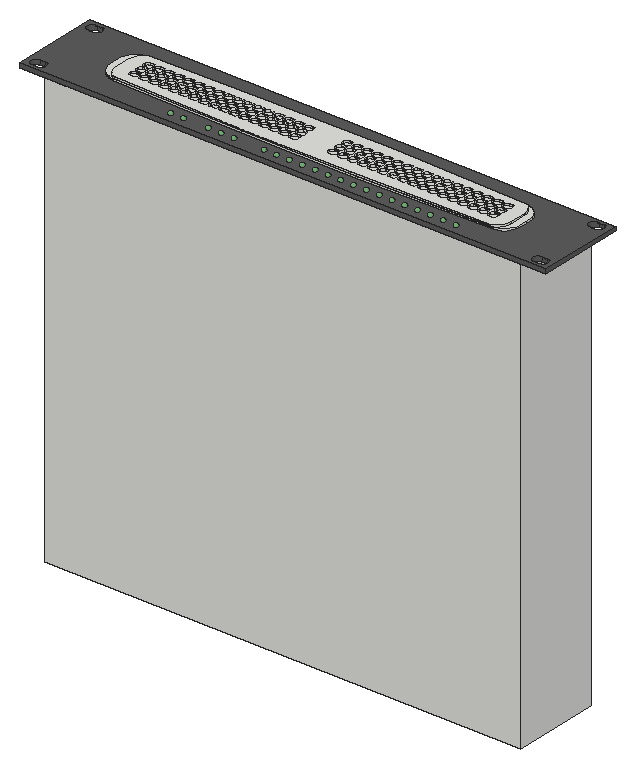
Revit family "Electronics_Amplifiers_Biamp_Vocia_Networked_VA-8150CV___", category Communication Devices, host Face, Revit 2020
Family settings
  Host = Face
  Maintain Annotation Orientation = No
  Round Connector Dimension = Use Diameter
  Part Type = Normal
  OmniClass Number = 23.85.10.11.14.14.17
  OmniClass Title = Sound Amplifiers
  Cut with Voids When Loaded = Yes
  Shared = No
  Room Calculation Point = No
Parameters (values of type "VA-8150CV")
  Width = 19.00"  # constant formula
  Weight = 22.30 lbf  # constant formula
  Watts per channel = "150W 70V/100V constant voltage"  # constant formula
  Voltage = 120 V
  URL = "https://www.biamp.com/"
  Total Output Power = "8x150W"  # constant formula
  Temperature Range = "18 - 108° F (-8°C - 42°C)"  # constant formula
  THD+N = "20Hz-20kHz, at rated power: < 0.3%"  # constant formula
  Signal to Noise Ratio = "20Hz-20kHz, unweighted at rated power: > 100dB"  # constant formula
  Product data url = "https://www.bimobject.com/biamp/product/vocia-va-8150cv_amplifier"
  Product Page URL = "https://www.biamp.com/products/product-families/vocia/vocia-amplifiers#vocia-va-8150cv"
  Product Documentation Link = "https://downloads.biamp.com/assets/docs/default-source/data-sheets/biamp_data_sheet_vocia_va-8150cv_oct18.pdf"
  Power Note = "Amplifier has battery back-up"  # constant formula
  Power Factor = 1
  Number of Poles = 1
  Network Connection = "Dual RJ-45 inputs for network redundancy"  # constant formula
  Model = "Vocia VA-8150CV"  # constant formula
  Manufacturer = "Biamp"  # constant formula
  Line monitoring = "Passive end of line monitoring (PLD-2), Active end of line monitoring (ELD-1), Impedance monitoring, Pilot tone generation"  # constant formula
  Intermodulation distortion = "SMPTE at continuous power: < 0.35% at 100V <0.4% at 70V"  # constant formula
  Inter-channel Isolation = "20Hz-20kHz at rated power: > 80dB"  # constant formula
  Inputs = "CobraNet 20 bits,  48kHz, 5-1/3ms (fixed)"  # constant formula
  Humidity = "0-95% relative humidity (non-condensing)"  # constant formula
  Housing Material = Biamp - Metal - Silver
  Height = 3.50"  # constant formula
  Frequency Response = "20Hz-20kHz: +/- 1dB"  # constant formula
  Failover Support = "Chassis or Channel 1:1, 3:1, 7:1"  # constant formula
  Extended Audio Delay = "Up to 32 Seconds (10km) per channel"  # constant formula
  Description = "Vocia® VA-8150CV Networked Amplifier"  # constant formula
  Depth = 17.50"  # constant formula
  Default Elevation = 48.00"
  Current = 3.6 A
  Connector Description = "100-240VAC; 50/60Hz; 3.6-1.5A"  # constant formula
  Compliance = "EN 54-16 certified  FCC Part 15B (USA) CE Marked (Europe) RCM (Australia) RoHS Directive (Europe)"  # constant formula
  Channels = "8 – fixed"  # constant formula
  Assembly Code = ""
  Apparent Load = Current * Voltage  # 432 VA
  Amplifier Topology = "Class D"  # constant formula
  Altitude = "0-10,000 ft (0-3000m) MSL"  # constant formula
Reference planes (in)
  plane 1 "Center (Front/Back)": y = 0
  plane 2: z = 0
  plane 3 "Center (Left/Right)": x = 0
  plane 4: x = 20.06192
  plane 5: y = 1.40576
  plane 6: y = -1.40585
  plane 7: y = -1.75
  plane 8: y = 1.75
Forms (in)
  Extrusion 1, solid, material "Biamp - Metal - Silver" <- "Housing Material"
    sketch origin (10.03141, -1.75, -6.93265) x (1, 0, 0) y (0, 0, -1)
      loop
        line (-9.5, 10.40039) -> (-9.5, -6.93265) -> (9.5, -6.93265) -> (9.5, 10.40039) -> (-9.5, 10.40039)
    from 0 to 3.5
  Extrusion 2, void
    sketch origin (10.03141, -1.75, -6.93265) x (1, 0, 0) y (0, 1, 0)
      loop
        line (1.83252, 1.83425) -> (2.45752, 1.83425) -> (2.45752, 2.33425) -> (1.83252, 2.33425) -> (1.83252, 1.83425)
      loop
        line (1.17627, 1.83425) -> (1.80127, 1.83425) -> (1.80127, 2.33425) -> (1.17627, 2.33425) -> (1.17627, 1.83425)
      loop
        line (8.96366, 1.21315) -> (7.75037, 1.21315) -> (7.75037, 0.39198) -> (8.96366, 0.39198) -> (8.96366, 1.21315)
      loop
        line (8.96366, 2.90889) -> (8.12299, 2.90889) -> (8.12299, 2.33425) -> (8.96366, 2.33425) -> (8.96366, 2.90889)
      loop
        line (8.116, 2.90889) -> (7.27534, 2.90889) -> (7.27534, 2.33425) -> (8.116, 2.33425) -> (8.116, 2.90889)
      loop
        line (-0.92505, 1.83425) -> (-0.22636, 1.83425) -> (-0.22636, 2.24931) -> (-0.92505, 2.24931) -> (-0.92505, 1.83425)
      loop
        line (1.56863, 0.39198) -> (2.45911, 0.39198) -> (2.45911, 0.6651) -> (1.56863, 0.6651) -> (1.56863, 0.39198)
      loop
        line (-1.11684, 0.39198) -> (-0.22636, 0.39198) -> (-0.22636, 0.6651) -> (-1.11684, 0.6651) -> (-1.11684, 0.39198)
      loop
        line (-3.99184, 0.39198) -> (-3.10136, 0.39198) -> (-3.10136, 0.6651) -> (-3.99184, 0.6651) -> (-3.99184, 0.39198)
      loop
        line (-6.81996, 0.39198) -> (-5.92949, 0.39198) -> (-5.92949, 0.6651) -> (-6.81996, 0.6651) -> (-6.81996, 0.39198)
      loop
        line (-2.0342, 1.83425) -> (-2.0342, 2.12012) -> (-3.43366, 2.12012) -> (-3.43366, 1.83425) -> (-2.0342, 1.83425)
      loop
        line (-3.54792, 1.83425) -> (-3.54792, 2.12012) -> (-4.94737, 2.12012) -> (-4.94737, 1.83425) -> (-3.54792, 1.83425)
      loop
        line (0.5983, 0.39198) -> (1.48877, 0.39198) -> (1.48877, 0.6651) -> (0.5983, 0.6651) -> (0.5983, 0.39198)
      loop
        line (-2.08717, 0.39198) -> (-1.1967, 0.39198) -> (-1.1967, 0.6651) -> (-2.08717, 0.6651) -> (-2.08717, 0.39198)
      loop
        line (-4.96217, 0.39198) -> (-4.0717, 0.39198) -> (-4.0717, 0.6651) -> (-4.96217, 0.6651) -> (-4.96217, 0.39198)
      loop
        line (-7.7903, 0.39198) -> (-6.89982, 0.39198) -> (-6.89982, 0.6651) -> (-7.7903, 0.6651) -> (-7.7903, 0.39198)
    from -10.40039 to -10.07797
  Extrusion 3, solid, material "Biamp - Metal - Black"
    sketch origin (10.03141, -1.75, -6.93265) x (1, 0, 0) y (0, 1, 0)
      loop
        line (10.5, 3.5) -> (-10.5, 3.5) -> (-10.5, 0) -> (10.5, 0) -> (10.5, 3.5)
    from 6.93304 to 7.09961
  Extrusion 4, void
    sketch origin (10.03141, -1.75, -6.93265) x (1, 0, 0) y (0, 1, 0)
      loop
        line (-9.92734, 3.35832) -> (-10.13549, 3.35832)
        arc (-10.13549, 3.35832) -> (-10.3376, 3.15621) -> (-10.13549, 2.95409) r 0.20212
        line (-10.13549, 2.95409) -> (-9.92734, 2.95409)
        arc (-9.92734, 2.95409) -> (-9.72522, 3.15621) -> (-9.92734, 3.35832) r 0.20212
      loop
        line (-9.92734, 0.54582) -> (-10.13549, 0.54582)
        arc (-10.13549, 0.54582) -> (-10.3376, 0.34371) -> (-10.13549, 0.14159) r 0.20212
        line (-10.13549, 0.14159) -> (-9.92734, 0.14159)
        arc (-9.92734, 0.14159) -> (-9.72522, 0.34371) -> (-9.92734, 0.54582) r 0.20212
      loop
        line (10.13458, 3.35788) -> (9.92643, 3.35788)
        arc (9.92643, 3.35788) -> (9.72431, 3.15576) -> (9.92643, 2.95365) r 0.20212
        line (9.92643, 2.95365) -> (10.13458, 2.95365)
        arc (10.13458, 2.95365) -> (10.33669, 3.15576) -> (10.13458, 3.35788) r 0.20212
      loop
        line (10.13458, 0.54538) -> (9.92643, 0.54538)
        arc (9.92643, 0.54538) -> (9.72431, 0.34326) -> (9.92643, 0.14115) r 0.20212
        line (9.92643, 0.14115) -> (10.13458, 0.14115)
        arc (10.13458, 0.14115) -> (10.33669, 0.34326) -> (10.13458, 0.54538) r 0.20212
    from 6.93304 to 7.10661
  Extrusion 5, solid, material "Biamp - Metal - Silver" <- "Housing Material", detail levels medium+fine
    sketch origin (10.03068, -1.75082, -6.93265) x (1, 0, 0) y (0, 1, 0)
      loop
        line (2.33416, 2.87125) -> (-2.33416, 2.87125)
        arc (-2.33416, 2.87125) -> (-4.9297, 2.84215) -> (-7.52393, 2.75486) r 115.76635
        arc (-7.52393, 2.75486) -> (-7.94905, 2.5935) -> (-8.19527, 2.21122) r 0.72733
        line (-8.19527, 2.21122) -> (-8.19527, 1.87684) -> (-8.19527, 1.51121)
        arc (-8.19527, 1.51121) -> (-7.94905, 1.12893) -> (-7.52393, 0.96757) r 0.72733
        arc (-7.52393, 0.96757) -> (-4.9297, 0.88028) -> (-2.33416, 0.85118) r 115.76635
        line (-2.33416, 0.85118) -> (2.33416, 0.85118)
        arc (2.33416, 0.85118) -> (4.9297, 0.88028) -> (7.52393, 0.96757) r 115.76635
        arc (7.52393, 0.96757) -> (7.94905, 1.12893) -> (8.19527, 1.51121) r 0.72733
        line (8.19527, 1.51121) -> (8.19527, 1.87684) -> (8.19527, 2.21122)
        arc (8.19527, 2.21122) -> (7.94905, 2.5935) -> (7.52393, 2.75486) r 0.72733
        arc (7.52393, 2.75486) -> (4.9297, 2.84215) -> (2.33416, 2.87125) r 115.76635
    from 7.09961 to 7.16
  Extrusion 6, solid, material "Biamp - Metal - Silver" <- "Housing Material", detail levels medium+fine
    sketch origin (10.03068, -1.75082, -6.93265) x (1, 0, 0) y (0, 1, 0)
      loop
        line (2.02829, 2.84908) -> (-2.02829, 2.84908)
        arc (-2.02829, 2.84908) -> (-4.7778, 2.82372) -> (-7.52594, 2.73305) r 115.74395
        arc (-7.52594, 2.73305) -> (-7.79312, 2.52382) -> (-7.8941, 2.19985) r 0.57019
        line (-7.8941, 2.19985) -> (-7.8941, 1.50958)
        arc (-7.8941, 1.50958) -> (-7.78659, 1.189) -> (-7.50755, 0.99803) r 0.53175
        arc (-7.50755, 0.99803) -> (-4.76475, 0.90754) -> (-2.02057, 0.88211) r 115.74148
        line (-2.02057, 0.88211) -> (2.02057, 0.88211)
        arc (2.02057, 0.88211) -> (4.76475, 0.90754) -> (7.50755, 0.99803) r 115.74148
        arc (7.50755, 0.99803) -> (7.78659, 1.189) -> (7.8941, 1.50958) r 0.53175
        line (7.8941, 1.50958) -> (7.8941, 2.19985)
        arc (7.8941, 2.19985) -> (7.79312, 2.52382) -> (7.52594, 2.73305) r 0.57019
        arc (7.52594, 2.73305) -> (4.7778, 2.82372) -> (2.02829, 2.84908) r 115.74395
      loop
        arc (-0.56362, 2.25574) -> (-0.60272, 2.35013) -> (-0.6971, 2.38922) r 0.13348
        line (-0.6971, 2.38922) -> (-0.78821, 2.38922)
        arc (-0.78821, 2.38922) -> (-0.8826, 2.35013) -> (-0.9217, 2.25574) r 0.13348
        line (-0.9217, 2.25574) -> (-0.9217, 2.21476)
        arc (-0.9217, 2.21476) -> (-0.88078, 2.11599) -> (-0.78201, 2.07508) r 0.13968
        line (-0.78201, 2.07508) -> (-0.70331, 2.07508)
        arc (-0.70331, 2.07508) -> (-0.60454, 2.11599) -> (-0.56362, 2.21476) r 0.13968
        line (-0.56362, 2.21476) -> (-0.56362, 2.25574)
      loop
        arc (-0.96362, 2.25574) -> (-1.00272, 2.35013) -> (-1.0971, 2.38922) r 0.13348
        line (-1.0971, 2.38922) -> (-1.18821, 2.38922)
        arc (-1.18821, 2.38922) -> (-1.2826, 2.35013) -> (-1.3217, 2.25574) r 0.13348
        line (-1.3217, 2.25574) -> (-1.3217, 2.21476)
        arc (-1.3217, 2.21476) -> (-1.28078, 2.11599) -> (-1.18201, 2.07508) r 0.13968
        line (-1.18201, 2.07508) -> (-1.10331, 2.07508)
        arc (-1.10331, 2.07508) -> (-1.00454, 2.11599) -> (-0.96362, 2.21476) r 0.13968
        line (-0.96362, 2.21476) -> (-0.96362, 2.25574)
      loop
        arc (-1.36362, 2.25574) -> (-1.40272, 2.35013) -> (-1.4971, 2.38922) r 0.13348
        line (-1.4971, 2.38922) -> (-1.58821, 2.38922)
        arc (-1.58821, 2.38922) -> (-1.6826, 2.35013) -> (-1.7217, 2.25574) r 0.13348
        line (-1.7217, 2.25574) -> (-1.7217, 2.21476)
        arc (-1.7217, 2.21476) -> (-1.68078, 2.11599) -> (-1.58201, 2.07508) r 0.13968
        line (-1.58201, 2.07508) -> (-1.50331, 2.07508)
        arc (-1.50331, 2.07508) -> (-1.40454, 2.11599) -> (-1.36362, 2.21476) r 0.13968
        line (-1.36362, 2.21476) -> (-1.36362, 2.25574)
      loop
        arc (-1.76362, 2.25574) -> (-1.80272, 2.35013) -> (-1.8971, 2.38922) r 0.13348
        line (-1.8971, 2.38922) -> (-1.98821, 2.38922)
        arc (-1.98821, 2.38922) -> (-2.0826, 2.35013) -> (-2.1217, 2.25574) r 0.13348
        line (-2.1217, 2.25574) -> (-2.1217, 2.21476)
        arc (-2.1217, 2.21476) -> (-2.08078, 2.11599) -> (-1.98201, 2.07508) r 0.13968
        line (-1.98201, 2.07508) -> (-1.90331, 2.07508)
        arc (-1.90331, 2.07508) -> (-1.80454, 2.11599) -> (-1.76362, 2.21476) r 0.13968
        line (-1.76362, 2.21476) -> (-1.76362, 2.25574)
      loop
        arc (-2.16362, 2.25574) -> (-2.20272, 2.35013) -> (-2.2971, 2.38922) r 0.13348
        line (-2.2971, 2.38922) -> (-2.38821, 2.38922)
        arc (-2.38821, 2.38922) -> (-2.4826, 2.35013) -> (-2.5217, 2.25574) r 0.13348
        line (-2.5217, 2.25574) -> (-2.5217, 2.21476)
        arc (-2.5217, 2.21476) -> (-2.48078, 2.11599) -> (-2.38201, 2.07508) r 0.13968
        line (-2.38201, 2.07508) -> (-2.30331, 2.07508)
        arc (-2.30331, 2.07508) -> (-2.20454, 2.11599) -> (-2.16362, 2.21476) r 0.13968
        line (-2.16362, 2.21476) -> (-2.16362, 2.25574)
      loop
        arc (-2.56362, 2.25574) -> (-2.60272, 2.35013) -> (-2.6971, 2.38922) r 0.13348
        line (-2.6971, 2.38922) -> (-2.78821, 2.38922)
        arc (-2.78821, 2.38922) -> (-2.8826, 2.35013) -> (-2.9217, 2.25574) r 0.13348
        line (-2.9217, 2.25574) -> (-2.9217, 2.21476)
        arc (-2.9217, 2.21476) -> (-2.88078, 2.11599) -> (-2.78201, 2.07508) r 0.13968
        line (-2.78201, 2.07508) -> (-2.70331, 2.07508)
        arc (-2.70331, 2.07508) -> (-2.60454, 2.11599) -> (-2.56362, 2.21476) r 0.13968
        line (-2.56362, 2.21476) -> (-2.56362, 2.25574)
      loop
        arc (-2.96362, 2.25574) -> (-3.00272, 2.35013) -> (-3.0971, 2.38922) r 0.13348
        line (-3.0971, 2.38922) -> (-3.18821, 2.38922)
        arc (-3.18821, 2.38922) -> (-3.2826, 2.35013) -> (-3.3217, 2.25574) r 0.13348
        line (-3.3217, 2.25574) -> (-3.3217, 2.21476)
        arc (-3.3217, 2.21476) -> (-3.28078, 2.11599) -> (-3.18201, 2.07508) r 0.13968
        line (-3.18201, 2.07508) -> (-3.10331, 2.07508)
        arc (-3.10331, 2.07508) -> (-3.00454, 2.11599) -> (-2.96362, 2.21476) r 0.13968
        line (-2.96362, 2.21476) -> (-2.96362, 2.25574)
      loop
        arc (-3.36362, 2.25574) -> (-3.40272, 2.35013) -> (-3.4971, 2.38922) r 0.13348
        line (-3.4971, 2.38922) -> (-3.58821, 2.38922)
        arc (-3.58821, 2.38922) -> (-3.6826, 2.35013) -> (-3.7217, 2.25574) r 0.13348
        line (-3.7217, 2.25574) -> (-3.7217, 2.21476)
        arc (-3.7217, 2.21476) -> (-3.68078, 2.11599) -> (-3.58201, 2.07508) r 0.13968
        line (-3.58201, 2.07508) -> (-3.50331, 2.07508)
        arc (-3.50331, 2.07508) -> (-3.40454, 2.11599) -> (-3.36362, 2.21476) r 0.13968
        line (-3.36362, 2.21476) -> (-3.36362, 2.25574)
      loop
        arc (-3.76362, 2.25574) -> (-3.80272, 2.35013) -> (-3.8971, 2.38922) r 0.13348
        line (-3.8971, 2.38922) -> (-3.98821, 2.38922)
        arc (-3.98821, 2.38922) -> (-4.0826, 2.35013) -> (-4.1217, 2.25574) r 0.13348
        line (-4.1217, 2.25574) -> (-4.1217, 2.21476)
        arc (-4.1217, 2.21476) -> (-4.08078, 2.11599) -> (-3.98201, 2.07508) r 0.13968
        line (-3.98201, 2.07508) -> (-3.90331, 2.07508)
        arc (-3.90331, 2.07508) -> (-3.80454, 2.11599) -> (-3.76362, 2.21476) r 0.13968
        line (-3.76362, 2.21476) -> (-3.76362, 2.25574)
      loop
        arc (-4.16362, 2.25574) -> (-4.20272, 2.35013) -> (-4.2971, 2.38922) r 0.13348
        line (-4.2971, 2.38922) -> (-4.38821, 2.38922)
        arc (-4.38821, 2.38922) -> (-4.4826, 2.35013) -> (-4.5217, 2.25574) r 0.13348
        line (-4.5217, 2.25574) -> (-4.5217, 2.21476)
        arc (-4.5217, 2.21476) -> (-4.48078, 2.11599) -> (-4.38201, 2.07508) r 0.13968
        line (-4.38201, 2.07508) -> (-4.30331, 2.07508)
        arc (-4.30331, 2.07508) -> (-4.20454, 2.11599) -> (-4.16362, 2.21476) r 0.13968
        line (-4.16362, 2.21476) -> (-4.16362, 2.25574)
      loop
        arc (-4.56362, 2.25574) -> (-4.60272, 2.35013) -> (-4.6971, 2.38922) r 0.13348
        line (-4.6971, 2.38922) -> (-4.78821, 2.38922)
        arc (-4.78821, 2.38922) -> (-4.8826, 2.35013) -> (-4.9217, 2.25574) r 0.13348
        line (-4.9217, 2.25574) -> (-4.9217, 2.21476)
        arc (-4.9217, 2.21476) -> (-4.88078, 2.11599) -> (-4.78201, 2.07508) r 0.13968
        line (-4.78201, 2.07508) -> (-4.70331, 2.07508)
        arc (-4.70331, 2.07508) -> (-4.60454, 2.11599) -> (-4.56362, 2.21476) r 0.13968
        line (-4.56362, 2.21476) -> (-4.56362, 2.25574)
      loop
        arc (-4.96362, 2.25574) -> (-5.00272, 2.35013) -> (-5.0971, 2.38922) r 0.13348
        line (-5.0971, 2.38922) -> (-5.18821, 2.38922)
        arc (-5.18821, 2.38922) -> (-5.2826, 2.35013) -> (-5.3217, 2.25574) r 0.13348
        line (-5.3217, 2.25574) -> (-5.3217, 2.21476)
        arc (-5.3217, 2.21476) -> (-5.28078, 2.11599) -> (-5.18201, 2.07508) r 0.13968
        line (-5.18201, 2.07508) -> (-5.10331, 2.07508)
        arc (-5.10331, 2.07508) -> (-5.00454, 2.11599) -> (-4.96362, 2.21476) r 0.13968
        line (-4.96362, 2.21476) -> (-4.96362, 2.25574)
      loop
        arc (-5.36362, 2.25574) -> (-5.40272, 2.35013) -> (-5.4971, 2.38922) r 0.13348
        line (-5.4971, 2.38922) -> (-5.58821, 2.38922)
        arc (-5.58821, 2.38922) -> (-5.6826, 2.35013) -> (-5.7217, 2.25574) r 0.13348
        line (-5.7217, 2.25574) -> (-5.7217, 2.21476)
        arc (-5.7217, 2.21476) -> (-5.68078, 2.11599) -> (-5.58201, 2.07508) r 0.13968
        line (-5.58201, 2.07508) -> (-5.50331, 2.07508)
        arc (-5.50331, 2.07508) -> (-5.40454, 2.11599) -> (-5.36362, 2.21476) r 0.13968
        line (-5.36362, 2.21476) -> (-5.36362, 2.25574)
      loop
        arc (-5.76362, 2.25574) -> (-5.80272, 2.35013) -> (-5.8971, 2.38922) r 0.13348
        line (-5.8971, 2.38922) -> (-5.98821, 2.38922)
        arc (-5.98821, 2.38922) -> (-6.0826, 2.35013) -> (-6.1217, 2.25574) r 0.13348
        line (-6.1217, 2.25574) -> (-6.1217, 2.21476)
        arc (-6.1217, 2.21476) -> (-6.08078, 2.11599) -> (-5.98201, 2.07508) r 0.13968
        line (-5.98201, 2.07508) -> (-5.90331, 2.07508)
        arc (-5.90331, 2.07508) -> (-5.80454, 2.11599) -> (-5.76362, 2.21476) r 0.13968
        line (-5.76362, 2.21476) -> (-5.76362, 2.25574)
      loop
        arc (-6.16362, 2.25574) -> (-6.20272, 2.35013) -> (-6.2971, 2.38922) r 0.13348
        line (-6.2971, 2.38922) -> (-6.38821, 2.38922)
        arc (-6.38821, 2.38922) -> (-6.4826, 2.35013) -> (-6.5217, 2.25574) r 0.13348
        line (-6.5217, 2.25574) -> (-6.5217, 2.21476)
        arc (-6.5217, 2.21476) -> (-6.48078, 2.11599) -> (-6.38201, 2.07508) r 0.13968
        line (-6.38201, 2.07508) -> (-6.30331, 2.07508)
        arc (-6.30331, 2.07508) -> (-6.20454, 2.11599) -> (-6.16362, 2.21476) r 0.13968
        line (-6.16362, 2.21476) -> (-6.16362, 2.25574)
      loop
        arc (-6.56362, 2.25574) -> (-6.60272, 2.35013) -> (-6.6971, 2.38922) r 0.13348
        line (-6.6971, 2.38922) -> (-6.78821, 2.38922)
        arc (-6.78821, 2.38922) -> (-6.8826, 2.35013) -> (-6.9217, 2.25574) r 0.13348
        line (-6.9217, 2.25574) -> (-6.9217, 2.21476)
        arc (-6.9217, 2.21476) -> (-6.88078, 2.11599) -> (-6.78201, 2.07508) r 0.13968
        line (-6.78201, 2.07508) -> (-6.70331, 2.07508)
        arc (-6.70331, 2.07508) -> (-6.60454, 2.11599) -> (-6.56362, 2.21476) r 0.13968
        line (-6.56362, 2.21476) -> (-6.56362, 2.25574)
      loop
        arc (-6.96362, 2.25574) -> (-7.00272, 2.35013) -> (-7.0971, 2.38922) r 0.13348
        line (-7.0971, 2.38922) -> (-7.18821, 2.38922)
        arc (-7.18821, 2.38922) -> (-7.2826, 2.35013) -> (-7.3217, 2.25574) r 0.13348
        line (-7.3217, 2.25574) -> (-7.3217, 2.21476)
        arc (-7.3217, 2.21476) -> (-7.28078, 2.11599) -> (-7.18201, 2.07508) r 0.13968
        line (-7.18201, 2.07508) -> (-7.10331, 2.07508)
        arc (-7.10331, 2.07508) -> (-7.00454, 2.11599) -> (-6.96362, 2.21476) r 0.13968
        line (-6.96362, 2.21476) -> (-6.96362, 2.25574)
      loop
        arc (-0.56362, 1.90574) -> (-0.60272, 2.00013) -> (-0.6971, 2.03922) r 0.13348
        line (-0.6971, 2.03922) -> (-0.78821, 2.03922)
        arc (-0.78821, 2.03922) -> (-0.8826, 2.00013) -> (-0.9217, 1.90574) r 0.13348
        line (-0.9217, 1.90574) -> (-0.9217, 1.86476)
        arc (-0.9217, 1.86476) -> (-0.88078, 1.76599) -> (-0.78201, 1.72508) r 0.13968
        line (-0.78201, 1.72508) -> (-0.70331, 1.72508)
        arc (-0.70331, 1.72508) -> (-0.60454, 1.76599) -> (-0.56362, 1.86476) r 0.13968
        line (-0.56362, 1.86476) -> (-0.56362, 1.90574)
      loop
        arc (-0.96362, 1.90574) -> (-1.00272, 2.00013) -> (-1.0971, 2.03922) r 0.13348
        line (-1.0971, 2.03922) -> (-1.18821, 2.03922)
        arc (-1.18821, 2.03922) -> (-1.2826, 2.00013) -> (-1.3217, 1.90574) r 0.13348
        line (-1.3217, 1.90574) -> (-1.3217, 1.86476)
        arc (-1.3217, 1.86476) -> (-1.28078, 1.76599) -> (-1.18201, 1.72508) r 0.13968
        line (-1.18201, 1.72508) -> (-1.10331, 1.72508)
        arc (-1.10331, 1.72508) -> (-1.00454, 1.76599) -> (-0.96362, 1.86476) r 0.13968
        line (-0.96362, 1.86476) -> (-0.96362, 1.90574)
      loop
        arc (-1.36362, 1.90574) -> (-1.40272, 2.00013) -> (-1.4971, 2.03922) r 0.13348
        line (-1.4971, 2.03922) -> (-1.58821, 2.03922)
        arc (-1.58821, 2.03922) -> (-1.6826, 2.00013) -> (-1.7217, 1.90574) r 0.13348
        line (-1.7217, 1.90574) -> (-1.7217, 1.86476)
        arc (-1.7217, 1.86476) -> (-1.68078, 1.76599) -> (-1.58201, 1.72508) r 0.13968
        line (-1.58201, 1.72508) -> (-1.50331, 1.72508)
        arc (-1.50331, 1.72508) -> (-1.40454, 1.76599) -> (-1.36362, 1.86476) r 0.13968
        line (-1.36362, 1.86476) -> (-1.36362, 1.90574)
      loop
        arc (-1.76362, 1.90574) -> (-1.80272, 2.00013) -> (-1.8971, 2.03922) r 0.13348
        line (-1.8971, 2.03922) -> (-1.98821, 2.03922)
        arc (-1.98821, 2.03922) -> (-2.0826, 2.00013) -> (-2.1217, 1.90574) r 0.13348
        line (-2.1217, 1.90574) -> (-2.1217, 1.86476)
        arc (-2.1217, 1.86476) -> (-2.08078, 1.76599) -> (-1.98201, 1.72508) r 0.13968
        line (-1.98201, 1.72508) -> (-1.90331, 1.72508)
        arc (-1.90331, 1.72508) -> (-1.80454, 1.76599) -> (-1.76362, 1.86476) r 0.13968
        line (-1.76362, 1.86476) -> (-1.76362, 1.90574)
      loop
        arc (-2.16362, 1.90574) -> (-2.20272, 2.00013) -> (-2.2971, 2.03922) r 0.13348
        line (-2.2971, 2.03922) -> (-2.38821, 2.03922)
        arc (-2.38821, 2.03922) -> (-2.4826, 2.00013) -> (-2.5217, 1.90574) r 0.13348
        line (-2.5217, 1.90574) -> (-2.5217, 1.86476)
        arc (-2.5217, 1.86476) -> (-2.48078, 1.76599) -> (-2.38201, 1.72508) r 0.13968
        line (-2.38201, 1.72508) -> (-2.30331, 1.72508)
        arc (-2.30331, 1.72508) -> (-2.20454, 1.76599) -> (-2.16362, 1.86476) r 0.13968
        line (-2.16362, 1.86476) -> (-2.16362, 1.90574)
      loop
        arc (-2.56362, 1.90574) -> (-2.60272, 2.00013) -> (-2.6971, 2.03922) r 0.13348
        line (-2.6971, 2.03922) -> (-2.78821, 2.03922)
        arc (-2.78821, 2.03922) -> (-2.8826, 2.00013) -> (-2.9217, 1.90574) r 0.13348
        line (-2.9217, 1.90574) -> (-2.9217, 1.86476)
        arc (-2.9217, 1.86476) -> (-2.88078, 1.76599) -> (-2.78201, 1.72508) r 0.13968
        line (-2.78201, 1.72508) -> (-2.70331, 1.72508)
        arc (-2.70331, 1.72508) -> (-2.60454, 1.76599) -> (-2.56362, 1.86476) r 0.13968
        line (-2.56362, 1.86476) -> (-2.56362, 1.90574)
      loop
        arc (-2.96362, 1.90574) -> (-3.00272, 2.00013) -> (-3.0971, 2.03922) r 0.13348
        line (-3.0971, 2.03922) -> (-3.18821, 2.03922)
        arc (-3.18821, 2.03922) -> (-3.2826, 2.00013) -> (-3.3217, 1.90574) r 0.13348
        line (-3.3217, 1.90574) -> (-3.3217, 1.86476)
        arc (-3.3217, 1.86476) -> (-3.28078, 1.76599) -> (-3.18201, 1.72508) r 0.13968
        line (-3.18201, 1.72508) -> (-3.10331, 1.72508)
        arc (-3.10331, 1.72508) -> (-3.00454, 1.76599) -> (-2.96362, 1.86476) r 0.13968
        line (-2.96362, 1.86476) -> (-2.96362, 1.90574)
      loop
        arc (-3.36362, 1.90574) -> (-3.40272, 2.00013) -> (-3.4971, 2.03922) r 0.13348
        line (-3.4971, 2.03922) -> (-3.58821, 2.03922)
        arc (-3.58821, 2.03922) -> (-3.6826, 2.00013) -> (-3.7217, 1.90574) r 0.13348
        line (-3.7217, 1.90574) -> (-3.7217, 1.86476)
        arc (-3.7217, 1.86476) -> (-3.68078, 1.76599) -> (-3.58201, 1.72508) r 0.13968
        line (-3.58201, 1.72508) -> (-3.50331, 1.72508)
        arc (-3.50331, 1.72508) -> (-3.40454, 1.76599) -> (-3.36362, 1.86476) r 0.13968
        line (-3.36362, 1.86476) -> (-3.36362, 1.90574)
      loop
        arc (-3.76362, 1.90574) -> (-3.80272, 2.00013) -> (-3.8971, 2.03922) r 0.13348
        line (-3.8971, 2.03922) -> (-3.98821, 2.03922)
        arc (-3.98821, 2.03922) -> (-4.0826, 2.00013) -> (-4.1217, 1.90574) r 0.13348
        line (-4.1217, 1.90574) -> (-4.1217, 1.86476)
        arc (-4.1217, 1.86476) -> (-4.08078, 1.76599) -> (-3.98201, 1.72508) r 0.13968
        line (-3.98201, 1.72508) -> (-3.90331, 1.72508)
        arc (-3.90331, 1.72508) -> (-3.80454, 1.76599) -> (-3.76362, 1.86476) r 0.13968
        line (-3.76362, 1.86476) -> (-3.76362, 1.90574)
      loop
        arc (-4.16362, 1.90574) -> (-4.20272, 2.00013) -> (-4.2971, 2.03922) r 0.13348
        line (-4.2971, 2.03922) -> (-4.38821, 2.03922)
        arc (-4.38821, 2.03922) -> (-4.4826, 2.00013) -> (-4.5217, 1.90574) r 0.13348
        line (-4.5217, 1.90574) -> (-4.5217, 1.86476)
        arc (-4.5217, 1.86476) -> (-4.48078, 1.76599) -> (-4.38201, 1.72508) r 0.13968
        line (-4.38201, 1.72508) -> (-4.30331, 1.72508)
        arc (-4.30331, 1.72508) -> (-4.20454, 1.76599) -> (-4.16362, 1.86476) r 0.13968
        line (-4.16362, 1.86476) -> (-4.16362, 1.90574)
      loop
        arc (-4.56362, 1.90574) -> (-4.60272, 2.00013) -> (-4.6971, 2.03922) r 0.13348
        line (-4.6971, 2.03922) -> (-4.78821, 2.03922)
        arc (-4.78821, 2.03922) -> (-4.8826, 2.00013) -> (-4.9217, 1.90574) r 0.13348
        line (-4.9217, 1.90574) -> (-4.9217, 1.86476)
        arc (-4.9217, 1.86476) -> (-4.88078, 1.76599) -> (-4.78201, 1.72508) r 0.13968
        line (-4.78201, 1.72508) -> (-4.70331, 1.72508)
        arc (-4.70331, 1.72508) -> (-4.60454, 1.76599) -> (-4.56362, 1.86476) r 0.13968
        line (-4.56362, 1.86476) -> (-4.56362, 1.90574)
      loop
        arc (-4.96362, 1.90574) -> (-5.00272, 2.00013) -> (-5.0971, 2.03922) r 0.13348
        line (-5.0971, 2.03922) -> (-5.18821, 2.03922)
        arc (-5.18821, 2.03922) -> (-5.2826, 2.00013) -> (-5.3217, 1.90574) r 0.13348
        line (-5.3217, 1.90574) -> (-5.3217, 1.86476)
        arc (-5.3217, 1.86476) -> (-5.28078, 1.76599) -> (-5.18201, 1.72508) r 0.13968
        line (-5.18201, 1.72508) -> (-5.10331, 1.72508)
        arc (-5.10331, 1.72508) -> (-5.00454, 1.76599) -> (-4.96362, 1.86476) r 0.13968
        line (-4.96362, 1.86476) -> (-4.96362, 1.90574)
      loop
        arc (-5.36362, 1.90574) -> (-5.40272, 2.00013) -> (-5.4971, 2.03922) r 0.13348
        line (-5.4971, 2.03922) -> (-5.58821, 2.03922)
        arc (-5.58821, 2.03922) -> (-5.6826, 2.00013) -> (-5.7217, 1.90574) r 0.13348
        line (-5.7217, 1.90574) -> (-5.7217, 1.86476)
        arc (-5.7217, 1.86476) -> (-5.68078, 1.76599) -> (-5.58201, 1.72508) r 0.13968
        line (-5.58201, 1.72508) -> (-5.50331, 1.72508)
        arc (-5.50331, 1.72508) -> (-5.40454, 1.76599) -> (-5.36362, 1.86476) r 0.13968
        line (-5.36362, 1.86476) -> (-5.36362, 1.90574)
      loop
        arc (-5.76362, 1.90574) -> (-5.80272, 2.00013) -> (-5.8971, 2.03922) r 0.13348
        line (-5.8971, 2.03922) -> (-5.98821, 2.03922)
        arc (-5.98821, 2.03922) -> (-6.0826, 2.00013) -> (-6.1217, 1.90574) r 0.13348
        line (-6.1217, 1.90574) -> (-6.1217, 1.86476)
        arc (-6.1217, 1.86476) -> (-6.08078, 1.76599) -> (-5.98201, 1.72508) r 0.13968
        line (-5.98201, 1.72508) -> (-5.90331, 1.72508)
        arc (-5.90331, 1.72508) -> (-5.80454, 1.76599) -> (-5.76362, 1.86476) r 0.13968
        line (-5.76362, 1.86476) -> (-5.76362, 1.90574)
      loop
        arc (-6.16362, 1.90574) -> (-6.20272, 2.00013) -> (-6.2971, 2.03922) r 0.13348
        line (-6.2971, 2.03922) -> (-6.38821, 2.03922)
        arc (-6.38821, 2.03922) -> (-6.4826, 2.00013) -> (-6.5217, 1.90574) r 0.13348
        line (-6.5217, 1.90574) -> (-6.5217, 1.86476)
        arc (-6.5217, 1.86476) -> (-6.48078, 1.76599) -> (-6.38201, 1.72508) r 0.13968
        line (-6.38201, 1.72508) -> (-6.30331, 1.72508)
        arc (-6.30331, 1.72508) -> (-6.20454, 1.76599) -> (-6.16362, 1.86476) r 0.13968
        line (-6.16362, 1.86476) -> (-6.16362, 1.90574)
      loop
        arc (-6.56362, 1.90574) -> (-6.60272, 2.00013) -> (-6.6971, 2.03922) r 0.13348
        line (-6.6971, 2.03922) -> (-6.78821, 2.03922)
        arc (-6.78821, 2.03922) -> (-6.8826, 2.00013) -> (-6.9217, 1.90574) r 0.13348
        line (-6.9217, 1.90574) -> (-6.9217, 1.86476)
        arc (-6.9217, 1.86476) -> (-6.88078, 1.76599) -> (-6.78201, 1.72508) r 0.13968
        line (-6.78201, 1.72508) -> (-6.70331, 1.72508)
        arc (-6.70331, 1.72508) -> (-6.60454, 1.76599) -> (-6.56362, 1.86476) r 0.13968
        line (-6.56362, 1.86476) -> (-6.56362, 1.90574)
      loop
        arc (-6.96362, 1.90574) -> (-7.00272, 2.00013) -> (-7.0971, 2.03922) r 0.13348
        line (-7.0971, 2.03922) -> (-7.18821, 2.03922)
        arc (-7.18821, 2.03922) -> (-7.2826, 2.00013) -> (-7.3217, 1.90574) r 0.13348
        line (-7.3217, 1.90574) -> (-7.3217, 1.86476)
        arc (-7.3217, 1.86476) -> (-7.28078, 1.76599) -> (-7.18201, 1.72508) r 0.13968
        line (-7.18201, 1.72508) -> (-7.10331, 1.72508)
        arc (-7.10331, 1.72508) -> (-7.00454, 1.76599) -> (-6.96362, 1.86476) r 0.13968
        line (-6.96362, 1.86476) -> (-6.96362, 1.90574)
      loop
        arc (-0.56362, 1.55574) -> (-0.60272, 1.65013) -> (-0.6971, 1.68922) r 0.13348
        line (-0.6971, 1.68922) -> (-0.78821, 1.68922)
        arc (-0.78821, 1.68922) -> (-0.8826, 1.65013) -> (-0.9217, 1.55574) r 0.13348
        line (-0.9217, 1.55574) -> (-0.9217, 1.51476)
        arc (-0.9217, 1.51476) -> (-0.88078, 1.41599) -> (-0.78201, 1.37508) r 0.13968
        line (-0.78201, 1.37508) -> (-0.70331, 1.37508)
        arc (-0.70331, 1.37508) -> (-0.60454, 1.41599) -> (-0.56362, 1.51476) r 0.13968
        line (-0.56362, 1.51476) -> (-0.56362, 1.55574)
      loop
        arc (-0.96362, 1.55574) -> (-1.00272, 1.65013) -> (-1.0971, 1.68922) r 0.13348
        line (-1.0971, 1.68922) -> (-1.18821, 1.68922)
        arc (-1.18821, 1.68922) -> (-1.2826, 1.65013) -> (-1.3217, 1.55574) r 0.13348
        line (-1.3217, 1.55574) -> (-1.3217, 1.51476)
        arc (-1.3217, 1.51476) -> (-1.28078, 1.41599) -> (-1.18201, 1.37508) r 0.13968
        line (-1.18201, 1.37508) -> (-1.10331, 1.37508)
        arc (-1.10331, 1.37508) -> (-1.00454, 1.41599) -> (-0.96362, 1.51476) r 0.13968
        line (-0.96362, 1.51476) -> (-0.96362, 1.55574)
      loop
        arc (-1.36362, 1.55574) -> (-1.40272, 1.65013) -> (-1.4971, 1.68922) r 0.13348
        line (-1.4971, 1.68922) -> (-1.58821, 1.68922)
        arc (-1.58821, 1.68922) -> (-1.6826, 1.65013) -> (-1.7217, 1.55574) r 0.13348
        line (-1.7217, 1.55574) -> (-1.7217, 1.51476)
        arc (-1.7217, 1.51476) -> (-1.68078, 1.41599) -> (-1.58201, 1.37508) r 0.13968
        line (-1.58201, 1.37508) -> (-1.50331, 1.37508)
        arc (-1.50331, 1.37508) -> (-1.40454, 1.41599) -> (-1.36362, 1.51476) r 0.13968
        line (-1.36362, 1.51476) -> (-1.36362, 1.55574)
      loop
        arc (-1.76362, 1.55574) -> (-1.80272, 1.65013) -> (-1.8971, 1.68922) r 0.13348
        line (-1.8971, 1.68922) -> (-1.98821, 1.68922)
        arc (-1.98821, 1.68922) -> (-2.0826, 1.65013) -> (-2.1217, 1.55574) r 0.13348
        line (-2.1217, 1.55574) -> (-2.1217, 1.51476)
        arc (-2.1217, 1.51476) -> (-2.08078, 1.41599) -> (-1.98201, 1.37508) r 0.13968
        line (-1.98201, 1.37508) -> (-1.90331, 1.37508)
        arc (-1.90331, 1.37508) -> (-1.80454, 1.41599) -> (-1.76362, 1.51476) r 0.13968
        line (-1.76362, 1.51476) -> (-1.76362, 1.55574)
      loop
        arc (-2.16362, 1.55574) -> (-2.20272, 1.65013) -> (-2.2971, 1.68922) r 0.13348
        line (-2.2971, 1.68922) -> (-2.38821, 1.68922)
        arc (-2.38821, 1.68922) -> (-2.4826, 1.65013) -> (-2.5217, 1.55574) r 0.13348
        line (-2.5217, 1.55574) -> (-2.5217, 1.51476)
        arc (-2.5217, 1.51476) -> (-2.48078, 1.41599) -> (-2.38201, 1.37508) r 0.13968
        line (-2.38201, 1.37508) -> (-2.30331, 1.37508)
        arc (-2.30331, 1.37508) -> (-2.20454, 1.41599) -> (-2.16362, 1.51476) r 0.13968
        line (-2.16362, 1.51476) -> (-2.16362, 1.55574)
      loop
        arc (-2.56362, 1.55574) -> (-2.60272, 1.65013) -> (-2.6971, 1.68922) r 0.13348
        line (-2.6971, 1.68922) -> (-2.78821, 1.68922)
        arc (-2.78821, 1.68922) -> (-2.8826, 1.65013) -> (-2.9217, 1.55574) r 0.13348
        line (-2.9217, 1.55574) -> (-2.9217, 1.51476)
        arc (-2.9217, 1.51476) -> (-2.88078, 1.41599) -> (-2.78201, 1.37508) r 0.13968
        line (-2.78201, 1.37508) -> (-2.70331, 1.37508)
        arc (-2.70331, 1.37508) -> (-2.60454, 1.41599) -> (-2.56362, 1.51476) r 0.13968
        line (-2.56362, 1.51476) -> (-2.56362, 1.55574)
      loop
        arc (-2.96362, 1.55574) -> (-3.00272, 1.65013) -> (-3.0971, 1.68922) r 0.13348
        line (-3.0971, 1.68922) -> (-3.18821, 1.68922)
        arc (-3.18821, 1.68922) -> (-3.2826, 1.65013) -> (-3.3217, 1.55574) r 0.13348
        line (-3.3217, 1.55574) -> (-3.3217, 1.51476)
        arc (-3.3217, 1.51476) -> (-3.28078, 1.41599) -> (-3.18201, 1.37508) r 0.13968
        line (-3.18201, 1.37508) -> (-3.10331, 1.37508)
        arc (-3.10331, 1.37508) -> (-3.00454, 1.41599) -> (-2.96362, 1.51476) r 0.13968
        line (-2.96362, 1.51476) -> (-2.96362, 1.55574)
      loop
        arc (-3.36362, 1.55574) -> (-3.40272, 1.65013) -> (-3.4971, 1.68922) r 0.13348
        line (-3.4971, 1.68922) -> (-3.58821, 1.68922)
        arc (-3.58821, 1.68922) -> (-3.6826, 1.65013) -> (-3.7217, 1.55574) r 0.13348
        line (-3.7217, 1.55574) -> (-3.7217, 1.51476)
        arc (-3.7217, 1.51476) -> (-3.68078, 1.41599) -> (-3.58201, 1.37508) r 0.13968
        line (-3.58201, 1.37508) -> (-3.50331, 1.37508)
        arc (-3.50331, 1.37508) -> (-3.40454, 1.41599) -> (-3.36362, 1.51476) r 0.13968
        line (-3.36362, 1.51476) -> (-3.36362, 1.55574)
      loop
        arc (-3.76362, 1.55574) -> (-3.80272, 1.65013) -> (-3.8971, 1.68922) r 0.13348
        line (-3.8971, 1.68922) -> (-3.98821, 1.68922)
        arc (-3.98821, 1.68922) -> (-4.0826, 1.65013) -> (-4.1217, 1.55574) r 0.13348
        line (-4.1217, 1.55574) -> (-4.1217, 1.51476)
        arc (-4.1217, 1.51476) -> (-4.08078, 1.41599) -> (-3.98201, 1.37508) r 0.13968
        line (-3.98201, 1.37508) -> (-3.90331, 1.37508)
        arc (-3.90331, 1.37508) -> (-3.80454, 1.41599) -> (-3.76362, 1.51476) r 0.13968
        line (-3.76362, 1.51476) -> (-3.76362, 1.55574)
      loop
        arc (-4.16362, 1.55574) -> (-4.20272, 1.65013) -> (-4.2971, 1.68922) r 0.13348
        line (-4.2971, 1.68922) -> (-4.38821, 1.68922)
        arc (-4.38821, 1.68922) -> (-4.4826, 1.65013) -> (-4.5217, 1.55574) r 0.13348
        line (-4.5217, 1.55574) -> (-4.5217, 1.51476)
        arc (-4.5217, 1.51476) -> (-4.48078, 1.41599) -> (-4.38201, 1.37508) r 0.13968
        line (-4.38201, 1.37508) -> (-4.30331, 1.37508)
        arc (-4.30331, 1.37508) -> (-4.20454, 1.41599) -> (-4.16362, 1.51476) r 0.13968
        line (-4.16362, 1.51476) -> (-4.16362, 1.55574)
      loop
        arc (-4.56362, 1.55574) -> (-4.60272, 1.65013) -> (-4.6971, 1.68922) r 0.13348
        line (-4.6971, 1.68922) -> (-4.78821, 1.68922)
        arc (-4.78821, 1.68922) -> (-4.8826, 1.65013) -> (-4.9217, 1.55574) r 0.13348
        line (-4.9217, 1.55574) -> (-4.9217, 1.51476)
        arc (-4.9217, 1.51476) -> (-4.88078, 1.41599) -> (-4.78201, 1.37508) r 0.13968
        line (-4.78201, 1.37508) -> (-4.70331, 1.37508)
        arc (-4.70331, 1.37508) -> (-4.60454, 1.41599) -> (-4.56362, 1.51476) r 0.13968
        line (-4.56362, 1.51476) -> (-4.56362, 1.55574)
      loop
        arc (-4.96362, 1.55574) -> (-5.00272, 1.65013) -> (-5.0971, 1.68922) r 0.13348
        line (-5.0971, 1.68922) -> (-5.18821, 1.68922)
        arc (-5.18821, 1.68922) -> (-5.2826, 1.65013) -> (-5.3217, 1.55574) r 0.13348
        line (-5.3217, 1.55574) -> (-5.3217, 1.51476)
        arc (-5.3217, 1.51476) -> (-5.28078, 1.41599) -> (-5.18201, 1.37508) r 0.13968
        line (-5.18201, 1.37508) -> (-5.10331, 1.37508)
        arc (-5.10331, 1.37508) -> (-5.00454, 1.41599) -> (-4.96362, 1.51476) r 0.13968
        line (-4.96362, 1.51476) -> (-4.96362, 1.55574)
      loop
        arc (-5.36362, 1.55574) -> (-5.40272, 1.65013) -> (-5.4971, 1.68922) r 0.13348
        line (-5.4971, 1.68922) -> (-5.58821, 1.68922)
        arc (-5.58821, 1.68922) -> (-5.6826, 1.65013) -> (-5.7217, 1.55574) r 0.13348
        line (-5.7217, 1.55574) -> (-5.7217, 1.51476)
        arc (-5.7217, 1.51476) -> (-5.68078, 1.41599) -> (-5.58201, 1.37508) r 0.13968
        line (-5.58201, 1.37508) -> (-5.50331, 1.37508)
        arc (-5.50331, 1.37508) -> (-5.40454, 1.41599) -> (-5.36362, 1.51476) r 0.13968
        line (-5.36362, 1.51476) -> (-5.36362, 1.55574)
      loop
        arc (-5.76362, 1.55574) -> (-5.80272, 1.65013) -> (-5.8971, 1.68922) r 0.13348
        line (-5.8971, 1.68922) -> (-5.98821, 1.68922)
        arc (-5.98821, 1.68922) -> (-6.0826, 1.65013) -> (-6.1217, 1.55574) r 0.13348
        line (-6.1217, 1.55574) -> (-6.1217, 1.51476)
        arc (-6.1217, 1.51476) -> (-6.08078, 1.41599) -> (-5.98201, 1.37508) r 0.13968
        line (-5.98201, 1.37508) -> (-5.90331, 1.37508)
        arc (-5.90331, 1.37508) -> (-5.80454, 1.41599) -> (-5.76362, 1.51476) r 0.13968
        line (-5.76362, 1.51476) -> (-5.76362, 1.55574)
      loop
        arc (-6.16362, 1.55574) -> (-6.20272, 1.65013) -> (-6.2971, 1.68922) r 0.13348
        line (-6.2971, 1.68922) -> (-6.38821, 1.68922)
        arc (-6.38821, 1.68922) -> (-6.4826, 1.65013) -> (-6.5217, 1.55574) r 0.13348
        line (-6.5217, 1.55574) -> (-6.5217, 1.51476)
        arc (-6.5217, 1.51476) -> (-6.48078, 1.41599) -> (-6.38201, 1.37508) r 0.13968
        line (-6.38201, 1.37508) -> (-6.30331, 1.37508)
        arc (-6.30331, 1.37508) -> (-6.20454, 1.41599) -> (-6.16362, 1.51476) r 0.13968
        line (-6.16362, 1.51476) -> (-6.16362, 1.55574)
      loop
        arc (-6.56362, 1.55574) -> (-6.60272, 1.65013) -> (-6.6971, 1.68922) r 0.13348
        line (-6.6971, 1.68922) -> (-6.78821, 1.68922)
        arc (-6.78821, 1.68922) -> (-6.8826, 1.65013) -> (-6.9217, 1.55574) r 0.13348
        line (-6.9217, 1.55574) -> (-6.9217, 1.51476)
        arc (-6.9217, 1.51476) -> (-6.88078, 1.41599) -> (-6.78201, 1.37508) r 0.13968
        line (-6.78201, 1.37508) -> (-6.70331, 1.37508)
        arc (-6.70331, 1.37508) -> (-6.60454, 1.41599) -> (-6.56362, 1.51476) r 0.13968
        line (-6.56362, 1.51476) -> (-6.56362, 1.55574)
      loop
        arc (-6.96362, 1.55574) -> (-7.00272, 1.65013) -> (-7.0971, 1.68922) r 0.13348
        line (-7.0971, 1.68922) -> (-7.18821, 1.68922)
        arc (-7.18821, 1.68922) -> (-7.2826, 1.65013) -> (-7.3217, 1.55574) r 0.13348
        line (-7.3217, 1.55574) -> (-7.3217, 1.51476)
        arc (-7.3217, 1.51476) -> (-7.28078, 1.41599) -> (-7.18201, 1.37508) r 0.13968
        line (-7.18201, 1.37508) -> (-7.10331, 1.37508)
        arc (-7.10331, 1.37508) -> (-7.00454, 1.41599) -> (-6.96362, 1.51476) r 0.13968
        line (-6.96362, 1.51476) -> (-6.96362, 1.55574)
      loop
        line (0.61544, 2.25574) -> (0.61544, 2.21476)
        arc (0.61544, 2.21476) -> (0.65635, 2.11599) -> (0.75512, 2.07508) r 0.13968
        line (0.75512, 2.07508) -> (0.83383, 2.07508)
        arc (0.83383, 2.07508) -> (0.9326, 2.11599) -> (0.97351, 2.21476) r 0.13968
        line (0.97351, 2.21476) -> (0.97351, 2.25574)
        arc (0.97351, 2.25574) -> (0.93442, 2.35013) -> (0.84003, 2.38922) r 0.13348
        line (0.84003, 2.38922) -> (0.74892, 2.38922)
        arc (0.74892, 2.38922) -> (0.65454, 2.35013) -> (0.61544, 2.25574) r 0.13348
      loop
        line (1.01544, 2.25574) -> (1.01544, 2.21476)
        arc (1.01544, 2.21476) -> (1.05635, 2.11599) -> (1.15512, 2.07508) r 0.13968
        line (1.15512, 2.07508) -> (1.23383, 2.07508)
        arc (1.23383, 2.07508) -> (1.3326, 2.11599) -> (1.37351, 2.21476) r 0.13968
        line (1.37351, 2.21476) -> (1.37351, 2.25574)
        arc (1.37351, 2.25574) -> (1.33442, 2.35013) -> (1.24003, 2.38922) r 0.13348
        line (1.24003, 2.38922) -> (1.14892, 2.38922)
        arc (1.14892, 2.38922) -> (1.05454, 2.35013) -> (1.01544, 2.25574) r 0.13348
      loop
        line (1.41544, 2.25574) -> (1.41544, 2.21476)
        arc (1.41544, 2.21476) -> (1.45635, 2.11599) -> (1.55512, 2.07508) r 0.13968
        line (1.55512, 2.07508) -> (1.63383, 2.07508)
        arc (1.63383, 2.07508) -> (1.7326, 2.11599) -> (1.77351, 2.21476) r 0.13968
        line (1.77351, 2.21476) -> (1.77351, 2.25574)
        arc (1.77351, 2.25574) -> (1.73442, 2.35013) -> (1.64003, 2.38922) r 0.13348
        line (1.64003, 2.38922) -> (1.54892, 2.38922)
        arc (1.54892, 2.38922) -> (1.45454, 2.35013) -> (1.41544, 2.25574) r 0.13348
      loop
        line (1.81544, 2.25574) -> (1.81544, 2.21476)
        arc (1.81544, 2.21476) -> (1.85635, 2.11599) -> (1.95512, 2.07508) r 0.13968
        line (1.95512, 2.07508) -> (2.03383, 2.07508)
        arc (2.03383, 2.07508) -> (2.1326, 2.11599) -> (2.17351, 2.21476) r 0.13968
        line (2.17351, 2.21476) -> (2.17351, 2.25574)
        arc (2.17351, 2.25574) -> (2.13442, 2.35013) -> (2.04003, 2.38922) r 0.13348
        line (2.04003, 2.38922) -> (1.94892, 2.38922)
        arc (1.94892, 2.38922) -> (1.85454, 2.35013) -> (1.81544, 2.25574) r 0.13348
      loop
        line (2.21544, 2.25574) -> (2.21544, 2.21476)
        arc (2.21544, 2.21476) -> (2.25635, 2.11599) -> (2.35512, 2.07508) r 0.13968
        line (2.35512, 2.07508) -> (2.43383, 2.07508)
        arc (2.43383, 2.07508) -> (2.5326, 2.11599) -> (2.57351, 2.21476) r 0.13968
        line (2.57351, 2.21476) -> (2.57351, 2.25574)
        arc (2.57351, 2.25574) -> (2.53442, 2.35013) -> (2.44003, 2.38922) r 0.13348
        line (2.44003, 2.38922) -> (2.34892, 2.38922)
        arc (2.34892, 2.38922) -> (2.25454, 2.35013) -> (2.21544, 2.25574) r 0.13348
      loop
        line (2.61544, 2.25574) -> (2.61544, 2.21476)
        arc (2.61544, 2.21476) -> (2.65635, 2.11599) -> (2.75512, 2.07508) r 0.13968
        line (2.75512, 2.07508) -> (2.83383, 2.07508)
        arc (2.83383, 2.07508) -> (2.9326, 2.11599) -> (2.97351, 2.21476) r 0.13968
        line (2.97351, 2.21476) -> (2.97351, 2.25574)
        arc (2.97351, 2.25574) -> (2.93442, 2.35013) -> (2.84003, 2.38922) r 0.13348
        line (2.84003, 2.38922) -> (2.74892, 2.38922)
        arc (2.74892, 2.38922) -> (2.65454, 2.35013) -> (2.61544, 2.25574) r 0.13348
      loop
        line (3.01544, 2.25574) -> (3.01544, 2.21476)
        arc (3.01544, 2.21476) -> (3.05635, 2.11599) -> (3.15512, 2.07508) r 0.13968
        line (3.15512, 2.07508) -> (3.23383, 2.07508)
        arc (3.23383, 2.07508) -> (3.3326, 2.11599) -> (3.37351, 2.21476) r 0.13968
        line (3.37351, 2.21476) -> (3.37351, 2.25574)
        arc (3.37351, 2.25574) -> (3.33442, 2.35013) -> (3.24003, 2.38922) r 0.13348
        line (3.24003, 2.38922) -> (3.14892, 2.38922)
        arc (3.14892, 2.38922) -> (3.05454, 2.35013) -> (3.01544, 2.25574) r 0.13348
      loop
        line (3.41544, 2.25574) -> (3.41544, 2.21476)
        arc (3.41544, 2.21476) -> (3.45635, 2.11599) -> (3.55512, 2.07508) r 0.13968
        line (3.55512, 2.07508) -> (3.63383, 2.07508)
        arc (3.63383, 2.07508) -> (3.7326, 2.11599) -> (3.77351, 2.21476) r 0.13968
        line (3.77351, 2.21476) -> (3.77351, 2.25574)
        arc (3.77351, 2.25574) -> (3.73442, 2.35013) -> (3.64003, 2.38922) r 0.13348
        line (3.64003, 2.38922) -> (3.54892, 2.38922)
        arc (3.54892, 2.38922) -> (3.45454, 2.35013) -> (3.41544, 2.25574) r 0.13348
      loop
        line (3.81544, 2.25574) -> (3.81544, 2.21476)
        arc (3.81544, 2.21476) -> (3.85635, 2.11599) -> (3.95512, 2.07508) r 0.13968
        line (3.95512, 2.07508) -> (4.03383, 2.07508)
        arc (4.03383, 2.07508) -> (4.1326, 2.11599) -> (4.17351, 2.21476) r 0.13968
        line (4.17351, 2.21476) -> (4.17351, 2.25574)
        arc (4.17351, 2.25574) -> (4.13442, 2.35013) -> (4.04003, 2.38922) r 0.13348
        line (4.04003, 2.38922) -> (3.94892, 2.38922)
        arc (3.94892, 2.38922) -> (3.85454, 2.35013) -> (3.81544, 2.25574) r 0.13348
      loop
        line (4.21544, 2.25574) -> (4.21544, 2.21476)
        arc (4.21544, 2.21476) -> (4.25635, 2.11599) -> (4.35512, 2.07508) r 0.13968
        line (4.35512, 2.07508) -> (4.43383, 2.07508)
        arc (4.43383, 2.07508) -> (4.5326, 2.11599) -> (4.57351, 2.21476) r 0.13968
        line (4.57351, 2.21476) -> (4.57351, 2.25574)
        arc (4.57351, 2.25574) -> (4.53442, 2.35013) -> (4.44003, 2.38922) r 0.13348
        line (4.44003, 2.38922) -> (4.34892, 2.38922)
        arc (4.34892, 2.38922) -> (4.25454, 2.35013) -> (4.21544, 2.25574) r 0.13348
      loop
        line (4.61544, 2.25574) -> (4.61544, 2.21476)
        arc (4.61544, 2.21476) -> (4.65635, 2.11599) -> (4.75512, 2.07508) r 0.13968
        line (4.75512, 2.07508) -> (4.83383, 2.07508)
        arc (4.83383, 2.07508) -> (4.9326, 2.11599) -> (4.97351, 2.21476) r 0.13968
        line (4.97351, 2.21476) -> (4.97351, 2.25574)
        arc (4.97351, 2.25574) -> (4.93442, 2.35013) -> (4.84003, 2.38922) r 0.13348
        line (4.84003, 2.38922) -> (4.74892, 2.38922)
        arc (4.74892, 2.38922) -> (4.65454, 2.35013) -> (4.61544, 2.25574) r 0.13348
      loop
        line (5.01544, 2.25574) -> (5.01544, 2.21476)
        arc (5.01544, 2.21476) -> (5.05635, 2.11599) -> (5.15512, 2.07508) r 0.13968
        line (5.15512, 2.07508) -> (5.23383, 2.07508)
        arc (5.23383, 2.07508) -> (5.3326, 2.11599) -> (5.37351, 2.21476) r 0.13968
        line (5.37351, 2.21476) -> (5.37351, 2.25574)
        arc (5.37351, 2.25574) -> (5.33442, 2.35013) -> (5.24003, 2.38922) r 0.13348
        line (5.24003, 2.38922) -> (5.14892, 2.38922)
        arc (5.14892, 2.38922) -> (5.05454, 2.35013) -> (5.01544, 2.25574) r 0.13348
      loop
        line (5.41544, 2.25574) -> (5.41544, 2.21476)
        arc (5.41544, 2.21476) -> (5.45635, 2.11599) -> (5.55512, 2.07508) r 0.13968
        line (5.55512, 2.07508) -> (5.63383, 2.07508)
        arc (5.63383, 2.07508) -> (5.7326, 2.11599) -> (5.77351, 2.21476) r 0.13968
        line (5.77351, 2.21476) -> (5.77351, 2.25574)
        arc (5.77351, 2.25574) -> (5.73442, 2.35013) -> (5.64003, 2.38922) r 0.13348
        line (5.64003, 2.38922) -> (5.54892, 2.38922)
        arc (5.54892, 2.38922) -> (5.45454, 2.35013) -> (5.41544, 2.25574) r 0.13348
      loop
        line (5.81544, 2.25574) -> (5.81544, 2.21476)
        arc (5.81544, 2.21476) -> (5.85635, 2.11599) -> (5.95512, 2.07508) r 0.13968
        line (5.95512, 2.07508) -> (6.03383, 2.07508)
        arc (6.03383, 2.07508) -> (6.1326, 2.11599) -> (6.17351, 2.21476) r 0.13968
        line (6.17351, 2.21476) -> (6.17351, 2.25574)
        arc (6.17351, 2.25574) -> (6.13442, 2.35013) -> (6.04003, 2.38922) r 0.13348
        line (6.04003, 2.38922) -> (5.94892, 2.38922)
        arc (5.94892, 2.38922) -> (5.85454, 2.35013) -> (5.81544, 2.25574) r 0.13348
      loop
        line (6.21544, 2.25574) -> (6.21544, 2.21476)
        arc (6.21544, 2.21476) -> (6.25635, 2.11599) -> (6.35512, 2.07508) r 0.13968
        line (6.35512, 2.07508) -> (6.43383, 2.07508)
        arc (6.43383, 2.07508) -> (6.5326, 2.11599) -> (6.57351, 2.21476) r 0.13968
        line (6.57351, 2.21476) -> (6.57351, 2.25574)
        arc (6.57351, 2.25574) -> (6.53442, 2.35013) -> (6.44003, 2.38922) r 0.13348
        line (6.44003, 2.38922) -> (6.34892, 2.38922)
        arc (6.34892, 2.38922) -> (6.25454, 2.35013) -> (6.21544, 2.25574) r 0.13348
      loop
        line (6.61544, 2.25574) -> (6.61544, 2.21476)
        arc (6.61544, 2.21476) -> (6.65635, 2.11599) -> (6.75512, 2.07508) r 0.13968
        line (6.75512, 2.07508) -> (6.83383, 2.07508)
        arc (6.83383, 2.07508) -> (6.9326, 2.11599) -> (6.97351, 2.21476) r 0.13968
        line (6.97351, 2.21476) -> (6.97351, 2.25574)
        arc (6.97351, 2.25574) -> (6.93442, 2.35013) -> (6.84003, 2.38922) r 0.13348
        line (6.84003, 2.38922) -> (6.74892, 2.38922)
        arc (6.74892, 2.38922) -> (6.65454, 2.35013) -> (6.61544, 2.25574) r 0.13348
      loop
        line (7.01544, 2.25574) -> (7.01544, 2.21476)
        arc (7.01544, 2.21476) -> (7.05635, 2.11599) -> (7.15512, 2.07508) r 0.13968
        line (7.15512, 2.07508) -> (7.23383, 2.07508)
        arc (7.23383, 2.07508) -> (7.3326, 2.11599) -> (7.37351, 2.21476) r 0.13968
        line (7.37351, 2.21476) -> (7.37351, 2.25574)
        arc (7.37351, 2.25574) -> (7.33442, 2.35013) -> (7.24003, 2.38922) r 0.13348
        line (7.24003, 2.38922) -> (7.14892, 2.38922)
        arc (7.14892, 2.38922) -> (7.05454, 2.35013) -> (7.01544, 2.25574) r 0.13348
      loop
        line (0.61544, 1.90574) -> (0.61544, 1.86476)
        arc (0.61544, 1.86476) -> (0.65635, 1.76599) -> (0.75512, 1.72508) r 0.13968
        line (0.75512, 1.72508) -> (0.83383, 1.72508)
        arc (0.83383, 1.72508) -> (0.9326, 1.76599) -> (0.97351, 1.86476) r 0.13968
        line (0.97351, 1.86476) -> (0.97351, 1.90574)
        arc (0.97351, 1.90574) -> (0.93442, 2.00013) -> (0.84003, 2.03922) r 0.13348
        line (0.84003, 2.03922) -> (0.74892, 2.03922)
        arc (0.74892, 2.03922) -> (0.65454, 2.00013) -> (0.61544, 1.90574) r 0.13348
      loop
        line (1.01544, 1.90574) -> (1.01544, 1.86476)
        arc (1.01544, 1.86476) -> (1.05635, 1.76599) -> (1.15512, 1.72508) r 0.13968
        line (1.15512, 1.72508) -> (1.23383, 1.72508)
        arc (1.23383, 1.72508) -> (1.3326, 1.76599) -> (1.37351, 1.86476) r 0.13968
        line (1.37351, 1.86476) -> (1.37351, 1.90574)
        arc (1.37351, 1.90574) -> (1.33442, 2.00013) -> (1.24003, 2.03922) r 0.13348
        line (1.24003, 2.03922) -> (1.14892, 2.03922)
        arc (1.14892, 2.03922) -> (1.05454, 2.00013) -> (1.01544, 1.90574) r 0.13348
      loop
        line (1.41544, 1.90574) -> (1.41544, 1.86476)
        arc (1.41544, 1.86476) -> (1.45635, 1.76599) -> (1.55512, 1.72508) r 0.13968
        line (1.55512, 1.72508) -> (1.63383, 1.72508)
        arc (1.63383, 1.72508) -> (1.7326, 1.76599) -> (1.77351, 1.86476) r 0.13968
        line (1.77351, 1.86476) -> (1.77351, 1.90574)
        arc (1.77351, 1.90574) -> (1.73442, 2.00013) -> (1.64003, 2.03922) r 0.13348
        line (1.64003, 2.03922) -> (1.54892, 2.03922)
        arc (1.54892, 2.03922) -> (1.45454, 2.00013) -> (1.41544, 1.90574) r 0.13348
      loop
        line (1.81544, 1.90574) -> (1.81544, 1.86476)
        arc (1.81544, 1.86476) -> (1.85635, 1.76599) -> (1.95512, 1.72508) r 0.13968
        line (1.95512, 1.72508) -> (2.03383, 1.72508)
        arc (2.03383, 1.72508) -> (2.1326, 1.76599) -> (2.17351, 1.86476) r 0.13968
        line (2.17351, 1.86476) -> (2.17351, 1.90574)
        arc (2.17351, 1.90574) -> (2.13442, 2.00013) -> (2.04003, 2.03922) r 0.13348
        line (2.04003, 2.03922) -> (1.94892, 2.03922)
        arc (1.94892, 2.03922) -> (1.85454, 2.00013) -> (1.81544, 1.90574) r 0.13348
      loop
        line (2.21544, 1.90574) -> (2.21544, 1.86476)
        arc (2.21544, 1.86476) -> (2.25635, 1.76599) -> (2.35512, 1.72508) r 0.13968
        line (2.35512, 1.72508) -> (2.43383, 1.72508)
        arc (2.43383, 1.72508) -> (2.5326, 1.76599) -> (2.57351, 1.86476) r 0.13968
        line (2.57351, 1.86476) -> (2.57351, 1.90574)
        arc (2.57351, 1.90574) -> (2.53442, 2.00013) -> (2.44003, 2.03922) r 0.13348
        line (2.44003, 2.03922) -> (2.34892, 2.03922)
        arc (2.34892, 2.03922) -> (2.25454, 2.00013) -> (2.21544, 1.90574) r 0.13348
      loop
        line (2.61544, 1.90574) -> (2.61544, 1.86476)
        arc (2.61544, 1.86476) -> (2.65635, 1.76599) -> (2.75512, 1.72508) r 0.13968
        line (2.75512, 1.72508) -> (2.83383, 1.72508)
        arc (2.83383, 1.72508) -> (2.9326, 1.76599) -> (2.97351, 1.86476) r 0.13968
        line (2.97351, 1.86476) -> (2.97351, 1.90574)
        arc (2.97351, 1.90574) -> (2.93442, 2.00013) -> (2.84003, 2.03922) r 0.13348
        line (2.84003, 2.03922) -> (2.74892, 2.03922)
        arc (2.74892, 2.03922) -> (2.65454, 2.00013) -> (2.61544, 1.90574) r 0.13348
      loop
        line (3.01544, 1.90574) -> (3.01544, 1.86476)
        arc (3.01544, 1.86476) -> (3.05635, 1.76599) -> (3.15512, 1.72508) r 0.13968
        line (3.15512, 1.72508) -> (3.23383, 1.72508)
        arc (3.23383, 1.72508) -> (3.3326, 1.76599) -> (3.37351, 1.86476) r 0.13968
        line (3.37351, 1.86476) -> (3.37351, 1.90574)
        arc (3.37351, 1.90574) -> (3.33442, 2.00013) -> (3.24003, 2.03922) r 0.13348
        line (3.24003, 2.03922) -> (3.14892, 2.03922)
        arc (3.14892, 2.03922) -> (3.05454, 2.00013) -> (3.01544, 1.90574) r 0.13348
      loop
        line (3.41544, 1.90574) -> (3.41544, 1.86476)
        arc (3.41544, 1.86476) -> (3.45635, 1.76599) -> (3.55512, 1.72508) r 0.13968
        line (3.55512, 1.72508) -> (3.63383, 1.72508)
        arc (3.63383, 1.72508) -> (3.7326, 1.76599) -> (3.77351, 1.86476) r 0.13968
        line (3.77351, 1.86476) -> (3.77351, 1.90574)
        arc (3.77351, 1.90574) -> (3.73442, 2.00013) -> (3.64003, 2.03922) r 0.13348
        line (3.64003, 2.03922) -> (3.54892, 2.03922)
